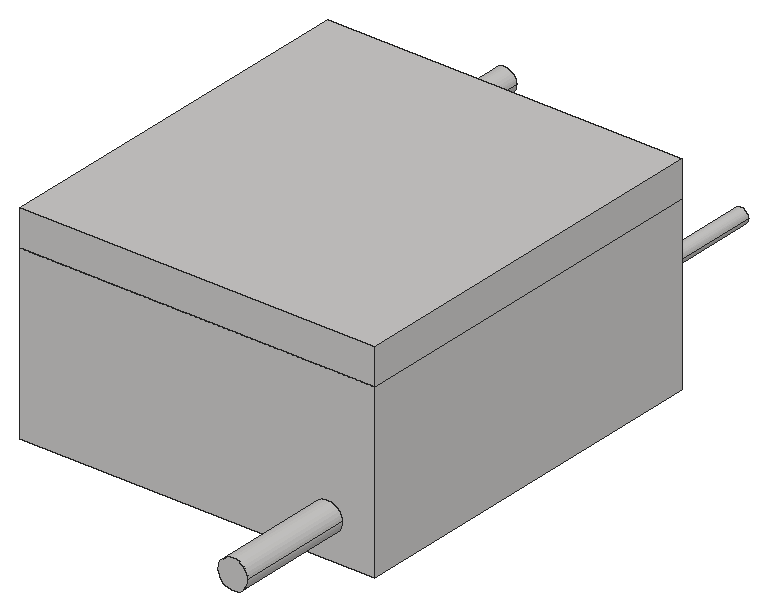
Revit family "DC_Rheem_PLM_940080", category Plumbing Fixtures, host Face, Revit 2017
Family settings
  Host = Face
  Round Connector Dimension = Use Radius
  Part Type = Normal
  Cut with Voids When Loaded = No
  Shared = No
  Room Calculation Point = No
Parameters (values of type "Guardian Warm Water 80L/min nominated flow rate")
  WarmWaterPipeDiameter_ANZRS = WWR_ANZRS * 2  # 50 mm
  WWR_ANZRS = 25 mm
  URL = "http://www.rheem.com.au/CommercialProducts"
  Type Comments = "Temperature range 25-60°C"
  Model = "940080\r\n"
  Materials_ANZRS = Rheem - Stainless Steel
  Manufacturer = "Rheem"
  Keynote = ""
  HotWaterPipeDiameter_ANZRS = HotWaterSupplyRadius_ANZRS * 2  # 40 mm
  HotWaterSupplyRadius_ANZRS = 20 mm
  DesignBy_ANZRS = "Design Content ©\r\n"
  Description = "Guardian Warm Water 80L/min nominated flow rate"
  Default Elevation = 0 mm
  ColdWaterPipeDiameter_ANZRS = ColdWaterSupplyRadius_ANZRS * 2  # 25 mm
  ColdWaterSupplyRadius_ANZRS = 12.5 mm
  BoxWidth_ANZRS = 600 mm
  BoxThickness_ANZRS = 350 mm
  BoxHeight_ANZRS = 650 mm
  Author_ANZRS = "DM"
  ARMWaterDiameter_ANZRS = ARMRadius_ANZRS * 2  # 40 mm
  ARMRadius_ANZRS = 20 mm
Reference planes
  plane 1 "Center (Front/Back)": y = 0
  plane 2: z = 0
  plane 3 "Center (Left/Right)": x = 0
  plane 4 "W1": x = -300
  plane 5 "W2": x = 300
  plane 6 "H1": y = 650
  plane 7 "CENTER 3": x = 240
  plane 8 "CENTER 2": x = 10
  plane 9 "CENTER 1": x = -160
  plane 10: z = 350
  plane 11 "THK 1": z = 290
  plane 12 "CD 2": z = 155
  plane 13 "CD 3": z = 220
  plane 14 "L2": y = 850
  plane 15: x = 220
  plane 16 "L1": y = -200
  plane 17 "CD 1": z = 65
Forms (mm)
  Extrusion 1, solid, material "Rheem - Stainless Steel" <- "Materials_ANZRS"
    sketch origin (0, 0, 0) x (1, 0, 0) y (0, 1, 0)
      loop
        line (-300, 650) -> (-300, 0) -> (300, 0) -> (300, 650) -> (-300, 650)
    from 0 to 290
  Extrusion 2, solid, material "Rheem - Stainless Steel" <- "Materials_ANZRS"
    sketch origin (0, 0, 0) x (1, 0, 0) y (0, 1, 0)
      loop
        line (-300, 650) -> (-300, 0) -> (300, 0) -> (300, 650) -> (-300, 650)
    from 290 to 350
  Extrusion 3, solid, material "Rheem - Stainless Steel" <- "Materials_ANZRS"
    sketch origin (0, 0, 0) x (1, 0, 0) y (0, 0, 1)
      loop
        circle (10, 155) r 20
      loop
        circle (240, 155) r 12.5
      loop
        circle (-160, 220) r 20
    from -850 to -650
  Extrusion 4, solid, material "Rheem - Stainless Steel" <- "Materials_ANZRS"
    sketch origin (46.441, 0, 0) x (1, 0, 0) y (0, 0, 1)
      loop
        circle (173.559, 65) r 25
    from 0 to 200
Lines and regions (mm)
  Masking region 1
    outline origin (0, 0, 0) x (1, 0, 0) y (0, 1, 0)
      loop
        line (300, 0) -> (300, 650) -> (260, 650) -> (260, 850) -> (220, 850) -> (220, 650) -> (30, 650) -> (30, 850) -> (-10, 850) -> (-10, 650) -> (-140, 650) -> (-140, 850) -> (-180, 850) -> (-180, 650) -> (-300, 650) -> (-300, 0) -> (195, 0) -> (195, -200) -> (245, -200) -> (245, 0) -> (300, 0)
  Masking region 2
    outline origin (0, 0, 0) x (1, 0, 0) y (0, 0, 1)
      loop
        line (300, 350) -> (-300, 350) -> (-300, 0) -> (300, 0) -> (300, 350)
  symbolic lines, style "Rheem - Guardian Warm Water", detail levels fine
    curve 1: line (300, 650, 0) -> (-300, 650, 0)
    curve 2: line (-300, 650, 0) -> (-300, 0, 0)
    curve 3: line (-300, 0, 0) -> (300, 0, 0)
    curve 4: line (300, 0, 0) -> (300, 650, 0)
    curve 5: line (0, 650, 0) -> (0, 650, 290)
    curve 6: line (0, 0, 290) -> (0, 650, 290)
    curve 7: line (0, 650, 290) -> (0, 650, 350)
    curve 8: line (0, 650, 350) -> (0, 0, 350)
    curve 9: line (0, 0, 350) -> (0, 0, 290)
    curve 10: line (0, 0, 290) -> (0, 0, 0)
    curve 11: line (0, 850, 175) -> (0, 650, 175)
    curve 12: line (-300, 0, 0) -> (300, 0, 0)
    curve 13: line (-300, 0, 350) -> (-300, 0, 0)
    curve 14: line (300, 0, 350) -> (-300, 0, 350)
    curve 15: line (300, 0, 0) -> (300, 0, 350)
    curve 16: line (-300, 0, 290) -> (300, 0, 290)
    curve 17: arc (-180, 0, 220) -> (-160, 0, 200) -> (-140, 0, 220) r 20
    curve 18: arc (-140, 0, 220) -> (-160, 0, 240) -> (-180, 0, 220) r 20
    curve 19: arc (-10, 0, 155) -> (10, 0, 135) -> (30, 0, 155) r 20
    curve 20: arc (30, 0, 155) -> (10, 0, 175) -> (-10, 0, 155) r 20
    curve 21: arc (227.5, 0, 155) -> (240, 0, 142.5) -> (252.5, 0, 155) r 12.5
    curve 22: arc (252.5, 0, 155) -> (240, 0, 167.5) -> (227.5, 0, 155) r 12.5
    curve 23: line (0, 650, 0) -> (0, 0, 0)
    curve 24: line (0, 850, 200) -> (0, 650, 200)
Dimensions and locks
  equal spacing: plane 4 "W1", plane 3 "Center (Left/Right)", plane 5 "W2"
  plane 4 "W1" to plane 5 "W2" = 600 mm
  "BoxHeight_ANZRS": plane 6 "H1" to plane 1 "Center (Front/Back)"
  plane 7 "CENTER 3" to plane 5 "W2" = 60 mm
  plane 8 "CENTER 2" to plane 5 "W2" = 290 mm
  plane 9 "CENTER 1" to plane 5 "W2" = 460 mm
  "BoxThickness_ANZRS": plane 10 to level
  plane 12 "CD 2" to level = 155 mm
  plane 13 "CD 3" to level = 220 mm
  plane 14 "L2" to plane 6 "H1" = 200 mm
  plane 16 "L1" to plane 1 "Center (Front/Back)" = 200 mm
  plane 15 to plane 5 "W2" = 80 mm
  locked: plane 10 to plane 11 "THK 1" at 60
  "BoxWidth_ANZRS": plane 4 "W1" to plane 5 "W2"
  plane 17 "CD 1" to level = 65 mm
  "ARMRadius_ANZRS": radius of Extrusion 3 sketch curve
  "ColdWaterSupplyRadius_ANZRS": radius of Extrusion 3 sketch curve
  "HotWaterSupplyRadius_ANZRS": radius of Extrusion 3 sketch curve
  "WWR_ANZRS": radius of Extrusion 4 sketch curve
  aligned and locked: plane 2 to host face
  aligned and locked: level to host face
  aligned and locked: Extrusion 1 sketch curve to plane 6 "H1"
  aligned and locked: plane 4 "W1" to Extrusion 1 sketch curve
  aligned and locked: Extrusion 1 sketch curve to plane 1 "Center (Front/Back)"
  aligned and locked: plane 5 "W2" to Extrusion 1 sketch curve
  aligned and locked: plane 11 "THK 1" to Extrusion 1
  aligned and locked: Extrusion 2 sketch curve to Extrusion 1  (x4)
  aligned and locked: Extrusion 2 to plane 11 "THK 1"
  aligned and locked: plane 10 to Extrusion 2
  aligned and locked: plane 9 "CENTER 1" to Extrusion 3 sketch curve
  aligned and locked: plane 8 "CENTER 2" to Extrusion 3 sketch curve
  aligned and locked: plane 7 "CENTER 3" to Extrusion 3 sketch curve
  aligned and locked: plane 12 "CD 2" to Extrusion 3 sketch curve  (x2)
  aligned and locked: plane 13 "CD 3" to Extrusion 3 sketch curve
  aligned and locked: Extrusion 3 to plane 6 "H1"
  aligned and locked: plane 14 "L2" to Extrusion 3
  aligned and locked: plane 15 to Extrusion 4 sketch curve
  aligned and locked: Extrusion 4 to plane 16 "L1"
  aligned and locked: curve 1 to Extrusion 2
  aligned and locked: curve 2 to Extrusion 2
  aligned and locked: curve 3 to Extrusion 2
  aligned and locked: curve 4 to Extrusion 2
  aligned and locked: curve 5 to Extrusion 1
  aligned and locked: curve 6 to Extrusion 2
  aligned and locked: curve 7 to Extrusion 2
  aligned and locked: curve 8 to Extrusion 2
  aligned and locked: curve 9 to Extrusion 2
  aligned and locked: curve 10 to Extrusion 1
  aligned and locked: curve 12 to Extrusion 1
  aligned and locked: curve 13 to Extrusion 1
  aligned and locked: curve 14 to Extrusion 2
  aligned and locked: curve 15 to Extrusion 2
  aligned and locked: curve 16 to Extrusion 2
  aligned and locked: curve 17 to Extrusion 3
  aligned and locked: curve 18 to Extrusion 3
  aligned and locked: curve 19 to Extrusion 3
  aligned and locked: curve 20 to Extrusion 3
  aligned and locked: curve 21 to Extrusion 3
  aligned and locked: curve 22 to Extrusion 3
  aligned and locked: plane 17 "CD 1" to Extrusion 4 sketch curve
  aligned and locked: Masking region 1 sketch curve to curve 4
  aligned and locked: Masking region 1 sketch curve to curve 3
  aligned and locked: Masking region 1 sketch curve to curve 2
  aligned and locked: Masking region 1 sketch curve to curve 1
  aligned and locked: Masking region 2 sketch curve to curve 14
  aligned and locked: Masking region 2 sketch curve to curve 13
  aligned and locked: Masking region 2 sketch curve to curve 12
  aligned and locked: Masking region 2 sketch curve to curve 15
Automatic sketch dimensions
  host sketch curve to host sketch curve = 2299.94 mm
  host sketch curve to host sketch curve = 2898.545 mm
  curve 1 to plane 4 "W1" = 0 mm
  plane 1 "Center (Front/Back)" to curve 3 = 0 mm
  curve 3 to plane 5 "W2" = 0 mm
  curve 2 to plane 6 "H1" = 0 mm
  curve 9 to plane 1 "Center (Front/Back)" = 0 mm
  curve 7 to plane 6 "H1" = 0 mm
  curve 24 to plane 14 "L2" = 0 mm
  curve 11 to plane 14 "L2" = 0 mm
  curve 10 to level = 0 mm
  curve 7 to plane 11 "THK 1" = 0 mm
  curve 8 to plane 10 = 0 mm
  plane 12 "CD 2" to curve 11 = 20 mm
  curve 24 to plane 13 "CD 3" = 20 mm
  Masking region 1 sketch curve to plane 14 "L2" = 0 mm  (x3)
  Masking region 1 sketch curve to plane 6 "H1" = 0 mm  (x3)
  Masking region 1 sketch curve to plane 16 "L1" = 0 mm
  Masking region 1 sketch curve to plane 15 = 0 mm
  plane 1 "Center (Front/Back)" to Masking region 1 sketch curve = 0 mm
  plane 9 "CENTER 1" to Masking region 1 sketch curve = 20 mm
  Masking region 1 sketch curve to plane 9 "CENTER 1" = 20 mm
  Masking region 1 sketch curve to plane 3 "Center (Left/Right)" = 10 mm
  Masking region 1 sketch curve to plane 8 "CENTER 2" = 20 mm
  plane 15 to Masking region 1 sketch curve = 25 mm
  Masking region 1 sketch curve to plane 7 "CENTER 3" = 5 mm
  Masking region 1 sketch curve to plane 7 "CENTER 3" = 20 mm
Connectors
  piping at (-160, 850, 220), diameter 25, driven by "ColdWaterSupplyRadius_ANZRS"
    settings: on Extrusion 3, index 1, connector inside diameter 0.98425", connector length 0 mm, flow factor 0, pipe flow 0 GPM, pressure drop 0.00 psi, fitting loss kfactor 0, connector angle 0.00°, fixture units 0, engagement length 0 mm, angle of deflection 0.00°, flow configuration 1, flow direction 1, fitting loss method 0, system type 20, joint type 0, gender type 0, connector reference index -1, connector utility 0, adjustable connector no, is connector primary yes, connector description ""
  piping at (10, 850, 155), diameter 40, driven by "ARMRadius_ANZRS"
    settings: on Extrusion 3, index 2, connector inside diameter 1.5748", connector length 0 mm, flow factor 0, pipe flow 0 GPM, pressure drop 0.00 psi, fitting loss kfactor 0, connector angle 0.00°, fixture units 0, engagement length 0 mm, angle of deflection 0.00°, flow configuration 1, flow direction 1, fitting loss method 0, system type 22, joint type 0, gender type 0, connector reference index -1, connector utility 0, adjustable connector no, is connector primary no, connector description "Warm Water Return"
  piping at (240, 850, 155), diameter 40, driven by "HotWaterSupplyRadius_ANZRS"
    settings: on Extrusion 3, index 3, connector inside diameter 1.5748", connector length 0 mm, flow factor 0, pipe flow 0 GPM, pressure drop 0.00 psi, fitting loss kfactor 0, connector angle 0.00°, fixture units 0, engagement length 0 mm, angle of deflection 0.00°, flow configuration 1, flow direction 2, fitting loss method 0, system type 19, joint type 0, gender type 0, connector reference index -1, connector utility 0, adjustable connector no, is connector primary no, connector description ""
  piping at (220, -200, 65), diameter 50, driven by "WWR_ANZRS"
    settings: on Extrusion 4, index 4, connector inside diameter 1.9685", connector length 0 mm, flow factor 0, pipe flow 0 GPM, pressure drop 0.00 psi, fitting loss kfactor 0, connector angle 0.00°, fixture units 0, engagement length 0 mm, angle of deflection 0.00°, flow configuration 1, flow direction 2, fitting loss method 0, system type 22, joint type 0, gender type 0, connector reference index -1, connector utility 0, adjustable connector no, is connector primary no, connector description "Warm Water Out"
